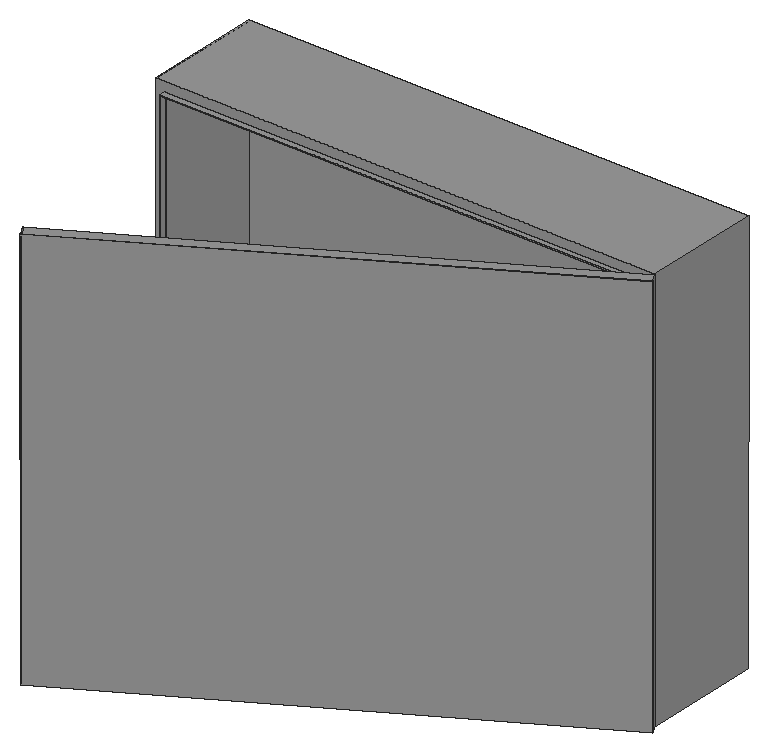
Revit family "Hager-Univers-IP54-D205-H650-Cl.I-Encl-NoHosted-CH-en", category Equipement électrique, Revit 2020
Family settings
  Configuration du panneau = Deux colonnes, circuits au sein
  Cote de connecteur circulaire = Utiliser le diamètre
  Type d'élément = Tableau de raccordement
  Basée sur le plan de construction = Oui
  Toujours verticalement = Oui
  Couper avec des vides une fois chargée = Non
  Partagée = Non
  Point de calcul de pièce = Non
Parameters (values of type "Surface mounted (plaster) IP54 W800 H650 D205  - FP43TW2")
  Width Control [instance] = if([EF000008 - Width] > Min Width, [EF000008 - Width], Min Width)  # 800 mm
  Commentaires du type = [HG000003 - Range]  # "Univers"
  Thickness Door [instance] = if([EF009171 - Material plate thickness door/cover] > 3 mm, 3 mm, [EF009171 - Material plate thickness door/cover])  # 1 mm
  Seal Frame Offset [instance] = 17 mm  # constant formula
  Plinth Visibility [instance] = [HG000027 - Plinth height] > 0 mm  # no
  Min Width [instance] = 100 mm  # constant formula
  Min Depth [instance] = (2 * [EF009170 - Material plate thickness cabinet]) + 1 mm  # 3 mm
  Min Height [instance] = 100 mm  # constant formula
  Internal Frame Depth [instance] = (Door System Depth * 0.5)  # 9 mm
  Panel Name [instance] = ""  # (empty or 0)
  Model = ""
  HG000027 - Plinth height = 0 mm
  HG000026 - Floor standing = no
  HG000024 - Bottom section height = 600 mm
  HG000023 - Double section enclosure = no
  HG000016 - Door 3d visibility [instance] = yes
  HG000015 - Clearance visibility [instance] = no
  HG000014 - Door on the right [instance] = yes
  HG000013 - Door on the left [instance] = not([HG000014 - Door on the right])  # no
  HG000012 - Door swing angle [instance] = 30.00°
  HG000010 - Asymmetric doors = no
  HG000009 - Double swing door = no
  HG000006 - Flush mounted = no
  HG000004 - Manufacturer reference = "FP43TW2"
  HG000003 - Range = "Univers"
  HG000002 - With door or cover = yes
  Frame Offset Bottom [instance] = 10 mm  # constant formula
  Frame Offset [instance] = 15 mm  # constant formula
  EF015940 - Cover with overpressure release = no
  EF011959 - Degree of protection (NEMA) = ""
  EF009554 - Number of openings for flange plates = 6
  EF009212 - Cover model = "EV000116 - Closed"
  EF009171 - Material plate thickness door/cover = 1 mm
  EF009170 - Material plate thickness cabinet = 1 mm
  EF008873 - Nominal current (In) = 250 A
  EF007800 - Suitable for lightning protection = no
  EF006306 - With lock = no
  EF006244 - Transparent cover/door = no
  EF005474 - Degree of protection (IP) = "EV006419 - IP54"
  EF004464 - Type of door = "EV002646 - Single"
  EF004427 - Number of modules = 144
  EF004293 - Impact strength = "EV006815 - IK09"
  EF003532 - Suitable for outdoor use = no
  EF002950 - Width in number of modular spacings = 36
  EF001613 - Circuit integrity = "EV000494 - None"
  EF001596 - Material housing = "EV000179 - Steel"
  EF001131 - Internal depth = 205 mm
  EF001088 - Extension possible = yes
  EF000437 - Number of conduit inlets = 6
  EF000339 - Type of cover = "EV001012 - Cover"
  EF000266 - Number of rows = 4
  EF000218 - Built-in depth = 205 mm
  EF000118 - With mounting plate = no
  EF000116 - RAL-number = "9010"
  EF000049 - Depth = 205 mm
  EF000040 - Height = 650 mm
  EF000008 - Width = 800 mm
  EF000007 - Colour = "EV000202 - White"
  EF000003 - Mounting method = "EV000384 - Surface mounted (plaster)"
  Door System Leaf Tolerance [instance] = 1.5 mm  # constant formula
  Door System Depth [instance] = 18 mm  # constant formula
  Door Height [instance] = Height Control - [HG000027 - Plinth height]  # 650 mm
  Description = ""
  Default Elevation = 1219.2 mm
  Connector Offset [instance] = Height Control / 2  # 325 mm
  Fabricant = "Hager"  # constant formula
  Height Control [instance] = if([EF000040 - Height] > Min Height, [EF000040 - Height], Min Height)  # 650 mm
  Depth Control [instance] = if([EF000049 - Depth] > Min Depth, [EF000049 - Depth], Min Depth)  # 205 mm
  Bottom Top Plate Trim [instance] = 1.5 mm  # constant formula
  Plinth height Ctrl [instance] = if([HG000027 - Plinth height] > 0 mm, [HG000027 - Plinth height], 12 mm)  # 12 mm
Types (5, lengths in mm): name | Width Control | HG000004 - Manufacturer reference | EF009554 - Number of openings for flange plates | EF004464 - Type of door | EF004427 - Number of modules | EF002950 - Width in number of modular spacings | EF000437 - Number of conduit inlets | EF000008 - Width
  Surface mounted (plaster) IP54 W1050 H650 D205  - FP44TW2 | 1050 | "FP44TW2" | 8 | "EV003602 - Double" | 192 | 48 | 8 | 1050
  Surface mounted (plaster) IP54 W1300 H650 D205  - FP45TW2 | 1300 | "FP45TW2" | 10 | "EV003602 - Double" | 240 | 60 | 10 | 1300
  Surface mounted (plaster) IP54 W300 H650 D205  - FP41TW2 | 300 | "FP41TW2" | 2 | "EV002646 - Single" | 48 | 12 | 2 | 300
  Surface mounted (plaster) IP54 W550 H650 D205  - FP42TW2 | 550 | "FP42TW2" | 4 | "EV002646 - Single" | 96 | 24 | 4 | 550
  Surface mounted (plaster) IP54 W800 H650 D205  - FP43TW2 | 800 | "FP43TW2" | 6 | "EV002646 - Single" | 144 | 36 | 6 | 800
Reference planes
  plane 1 "Center (Front/Back)": y = 0
  plane 2: z = 0
  plane 3 "Center (Left/Right)": x = 0
  plane 4: y = 0
  plane 5: y = 0
  plane 6: z = 0
  plane 7: x = -400
  plane 8: x = 400
  plane 9: x = 399
  plane 10: x = -399
  plane 11: z = 0
  plane 12: z = 1
  plane 13: y = -205
  plane 14: y = -1
  plane 15: x = 0
  plane 16: y = -187
  plane 17: y = -204
  plane 18: y = -186
  plane 19: x = -384
  plane 20: x = 384
  plane 21: z = 11
  plane 22: x = -383
  plane 23: x = 383
  plane 24: z = 0
  plane 25: z = 650
  plane 26: z = 650
  plane 27: z = 634
  plane 28: z = 649
Forms (mm)
  Extrusion 1, solid, material "Hager_Steel_RAL7035_Light_Grey", detail levels medium+fine
    sketch origin (-208.679, -4572, 0) x (-1, 0, 0) y (0, -1, 0)
      loop
        line (191.321, -4385) -> (-608.679, -4385) -> (-608.679, -4572) -> (191.321, -4572) -> (191.321, -4385)
    from 0 to 650
  Extrusion 2, void
    sketch origin (-350.771, -205, 1219.2) x (1, 0, 0) y (0, 0, 1)
      loop
        line (-48.229, -570.2) -> (-48.229, -1218.2) -> (749.771, -1218.2) -> (749.771, -570.2) -> (-48.229, -570.2)
    from -19 to -204
  Extrusion 3, void
    sketch origin (-290.084, -187, 1219.2) x (1, 0, 0) y (0, 0, 1)
      loop
        line (-93.916, -1208.2) -> (674.084, -1208.2) -> (674.084, -585.2) -> (-93.916, -585.2) -> (-93.916, -1208.2)
    from 0 to -1
  Extrusion 4, solid, material "Hager_Steel_RAL7035_Light_Grey", visible <- "Plinth Visibility", detail levels medium+fine
    sketch origin (0, 0, 0) x (1, 0, 0) y (0, 1, 0)
      loop
        line (-400, 0) -> (-400, -187) -> (400, -187) -> (400, 0) -> (-400, 0)
    from 0 to 12 <- "Plinth height Ctrl"
  Extrusion 5, solid, material "Hager_Steel_RAL7035_Light_Grey", detail levels coarse
    sketch origin (0, 0, 0) x (1, 0, 0) y (0, 1, 0)
      loop
        line (-400, 0) -> (-400, -205) -> (400, -205) -> (400, 0) -> (-400, 0)
    from 0 to 650 <- "Height Control"
  Sweep 6, void
    path in 3D
      loop
        line (-400, -187, 12) -> (400, -187, 12) -> (400, 0, 12) -> (-400, 0, 12) -> (-400, -187, 12)
    profile origin (-400, -93.5, 12) x (1, 0, 0) y (0, 0, 1)
      loop
        line (0, 0) -> (0, -1.5) -> (1.5, -1.5)
        arc (1.5, -1.5) -> (1.061, -0.439) -> (0, 0) r 1.5
  Extrusion 7, solid, material "Hager_Steel_RAL7035_Light_Grey", detail levels fine
    sketch origin (-400, -187, 0) x (1, 0, 0) y (0, 0, 1)
      loop
        line (16, 11) -> (784, 11) -> (784, 634) -> (16, 634) -> (16, 11)
      loop
        line (15, 10) -> (785, 10) -> (785, 635) -> (15, 635) -> (15, 10)
    from 0 to 9 <- "Internal Frame Depth"
Cuts and joins
  Extrusion 2, Extrusion 3 cuts Extrusion 1
  Sweep 6 cuts Extrusion 4
Lines and regions (mm)
  Masking region 1
    outline origin (0, 0, 0) x (1, 0, 0) y (0, 1, 0)
      loop
        line (-400, 0) -> (-400, -205) -> (400, -205) -> (400, 0) -> (-400, 0)
  Masking region 2, detail levels coarse
    outline origin (-290.084, -187, 1219.2) x (-1, 0, 0) y (0, 0, 1)
      loop
        line (-690.084, -1219.2) -> (109.916, -1219.2) -> (109.916, -569.2) -> (-690.084, -569.2) -> (-690.084, -1219.2)
  Masking region 3, detail levels coarse
    outline origin (0, 0, 0) x (0, 1, 0) y (0, 0, 1)
      loop
        line (0, 0) -> (0, 650) -> (-205, 650) -> (-205, 0) -> (0, 0)
  Masking region 4, visible <- "Plinth Visibility", detail levels medium+fine
    outline origin (0, 0, 0) x (0, 1, 0) y (0, 0, 1)
      loop
        line (-1.5, 12) -> (-185.5, 12)
        arc (-185.5, 12) -> (-185.939, 10.939) -> (-187, 10.5) r 1.5
        line (-187, 10.5) -> (-187, 0) -> (0, 0) -> (0, 10.5)
        arc (0, 10.5) -> (-1.061, 10.939) -> (-1.5, 12) r 1.5
  Masking region 5, detail levels medium+fine
    outline origin (0, 0, 594.038) x (0, 1, 0) y (0, 0, 1)
      loop
        line (0, -594.038) -> (0, 55.962) -> (-187, 55.962) -> (-187, -594.038) -> (0, -594.038)
  Masking region 6, detail levels medium+fine
    outline origin (-359.7, -187, 1211.883) x (-1, 0, 0) y (0, 0, 1)
      loop
        line (-759.7, -1211.883) -> (40.3, -1211.883) -> (40.3, -561.883) -> (-759.7, -561.883) -> (-759.7, -1211.883)
  Masking region 7, visible <- "Plinth Visibility", detail levels medium+fine
    outline origin (-320.334, -187, 1041.368) x (-1, 0, 0) y (0, 0, 1)
      loop
        line (-720.334, -1041.368) -> (79.666, -1041.368) -> (79.666, -1030.868)
        arc (79.666, -1030.868) -> (78.606, -1030.429) -> (78.166, -1029.368) r 1.5
        line (78.166, -1029.368) -> (-718.834, -1029.368)
        arc (-718.834, -1029.368) -> (-719.273, -1030.429) -> (-720.334, -1030.868) r 1.5
        line (-720.334, -1030.868) -> (-720.334, -1041.368)
  sketch lines
    curve 1: line (-400, 0, 12) -> (-400, -187, 12)
    curve 2: line (-400, -187, 12) -> (400, -187, 12)
    curve 3: line (400, 0, 12) -> (-400, 0, 12)
    curve 4: line (400, -187, 12) -> (400, 0, 12)
Dimensions and locks
  locked: plane 1 "Center (Front/Back)" to plane 5
  "EF009170 - Material plate thickness cabinet": plane 7 to plane 10
  "EF009170 - Material plate thickness cabinet": plane 8 to plane 9
  equal spacing: plane 7, plane 3 "Center (Left/Right)", plane 8
  "Width Control": plane 7 to plane 8
  "Depth Control": plane 4 to plane 13
  "EF009170 - Material plate thickness cabinet": plane 4 to plane 14
  "Height Control": plane 25 to level
  "HG000027 - Plinth height": plane 11 to level
  "EF009170 - Material plate thickness cabinet": plane 12 to plane 11
  "EF009170 - Material plate thickness cabinet": plane 17 to plane 13
  "EF009170 - Material plate thickness cabinet": plane 18 to plane 16
  "Frame Offset Bottom": plane 21 to plane 12
  "Frame Offset": plane 10 to plane 19
  "Frame Offset": plane 9 to plane 20
  "Door System Depth": plane 16 to plane 13
  "Seal Frame Offset": plane 7 to plane 22
  "Seal Frame Offset": plane 8 to plane 23
  "EF009170 - Material plate thickness cabinet": plane 26 to plane 28
  "Frame Offset": plane 28 to plane 27
  "Connector Offset": plane 2 to connector elem
  "Bottom Top Plate Trim": profile plane to Sweep 6 sketch curve
  "Bottom Top Plate Trim": Sweep 6 sketch curve to Sweep 6 sketch curve
  "Plinth height Ctrl": Masking region 4 sketch curve to level
  "Plinth height Ctrl": Masking region 7 sketch curve to level
  "Thickness Door": Extrusion 7 sketch curve to Extrusion 7 sketch curve  (x4)
  "Bottom Top Plate Trim": radius of Sweep 6 sketch curve
  "Bottom Top Plate Trim": radius of Masking region 4 sketch curve  (x2)
  "Bottom Top Plate Trim": radius of Masking region 7 sketch curve  (x2)
  aligned and locked: Extrusion 2 sketch curve to plane 12
  aligned and locked: Extrusion 2 sketch curve to plane 9
  aligned and locked: Extrusion 2 sketch curve to plane 10
  aligned and locked: Extrusion 2 to plane 14
  aligned and locked: Extrusion 1 sketch curve to plane 4
  aligned and locked: plane 8 to Extrusion 1 sketch curve
  aligned and locked: plane 7 to Extrusion 1 sketch curve
  aligned and locked: Extrusion 2 to plane 18
  aligned and locked: Extrusion 3 sketch curve to plane 19
  aligned and locked: plane 20 to Extrusion 3 sketch curve
  aligned and locked: Extrusion 3 to Extrusion 2
  aligned and locked: Extrusion 3 sketch curve to plane 21
  aligned and locked: plane 3 "Center (Left/Right)" to nested 1
  aligned and locked: Extrusion 1 sketch curve to plane 16
  aligned and locked: Extrusion 4 sketch curve to cut or joined group of Extrusion 1, Extrusion 2, Extrusion 3
  aligned and locked: Masking region 1 sketch curve to plane 7
  aligned and locked: Masking region 1 sketch curve to plane 5
  aligned and locked: Masking region 1 sketch curve to plane 8
  aligned and locked: Masking region 2 sketch curve to level
  aligned and locked: level to Masking region 3 sketch curve
  aligned and locked: plane 1 "Center (Front/Back)" to Masking region 3 sketch curve
  aligned and locked: plane 13 to Masking region 3 sketch curve
  aligned and locked: plane 5 to Masking region 4 sketch curve
  aligned and locked: Masking region 2 sketch curve to plane 8
  aligned and locked: Masking region 2 sketch curve to plane 7
  aligned and locked: plane 7 to nested 2
  aligned and locked: nested 2 to plane 5
  aligned and locked: plane 5 to Masking region 5 sketch curve
  aligned and locked: plane 26 to Masking region 5 sketch curve
  aligned and locked: Extrusion 5 sketch curve to plane 8
  aligned and locked: Extrusion 5 sketch curve to plane 7
  aligned and locked: Extrusion 5 sketch curve to plane 5
  aligned and locked: Extrusion 3 sketch curve to plane 27
  aligned and locked: Extrusion 2 sketch curve to plane 28
  aligned and locked: Masking region 2 to plane 25
  aligned and locked: Extrusion 4 to plane 16
  aligned and locked: profile plane to Sweep 6 sketch curve
  aligned and locked: Masking region 5 sketch curve to plane 24
  aligned and locked: level to Masking region 4 sketch curve
  aligned and locked: Masking region 1 to plane 13
  aligned and locked: nested 1 to plane 16
  aligned and locked: Masking region 3 to plane 25
  aligned and locked: plane 16 to Masking region 4 sketch curve
  aligned and locked: Masking region 5 sketch curve to plane 16
  aligned and locked: plane 24 to plane 11
  aligned and locked: plane 26 to plane 25
  aligned and locked: plane 26 to cut or joined group of Extrusion 1, Extrusion 2, Extrusion 3
  aligned and locked: nested 1 to plane 24
  aligned and locked: Extrusion 1 to Extrusion 3
  aligned and locked: Masking region 6 sketch curve to plane 8
  aligned and locked: Masking region 6 sketch curve to plane 24
  aligned and locked: Masking region 6 sketch curve to plane 7
  aligned and locked: Masking region 6 sketch curve to plane 26
  aligned and locked: Masking region 7 sketch curve to plane 7
  aligned and locked: level to Masking region 7 sketch curve
  aligned and locked: Masking region 7 sketch curve to plane 8
  aligned and locked: Extrusion 7 sketch curve to cut or joined group of Extrusion 1, Extrusion 2, Extrusion 3  (x4)
Automatic sketch dimensions
  plane 19 to Extrusion 3 sketch curve = 0 mm
  Extrusion 3 sketch curve to plane 20 = 0 mm
  Extrusion 3 sketch curve to plane 21 = 0 mm
  Extrusion 4 sketch curve to plane 7 = 0 mm
  Extrusion 4 sketch curve to plane 8 = 0 mm
  Extrusion 4 sketch curve to plane 16 = 0 mm
  Masking region 1 sketch curve to plane 13 = 0 mm
  Masking region 2 sketch curve to plane 25 = 0 mm
  Masking region 3 sketch curve to plane 25 = 0 mm
  Extrusion 5 sketch curve to plane 13 = 0 mm
  profile plane to Sweep 6 sketch curve = 0 mm
Nested families
  nested 1: "EC000058_Univers_Door" at (0, -187, 0), Double <- "HG000009 - Double swing door", Transparent <- "EF006244 - Transparent cover/door", Angle <- "HG000012 - Door swing angle", Door_Right <- "HG000014 - Door on the right", Assymetrical <- "HG000010 - Asymmetric doors", Door <- "HG000002 - With door or cover", Width_Ctrl <- "Width Control", 3d_Door <- "HG000016 - Door 3d visibility", Clearance <- "HG000015 - Clearance visibility", Door_Left <- "HG000013 - Door on the left", Width <- "Width Control", Door_Depth <- "Door System Depth", Leaf_Tolerance <- "Door System Leaf Tolerance", Height <- "Door Height", Lock_Visibility <- "EF006306 - With lock", Thickness <- "Thickness Door", type "EC000058_Univers_Door", detail levels medium+fine
    with min_wh 3 mm, Width_Ctrl 800 mm, Width 800 mm, Transparent no, Thickness 1 mm, Seal_Material Hager_Rubber, Lock_Visibility no, Lock_Material Hager_Plastic_RAL9005_Jet_Black, Leaf_Width 800 mm, Leaf_Tolerance_External_Sides 0 mm, Leaf_Tolerance 1.5 mm, Leaf_Offset 0 mm, Leaf_Height 647 mm, Leaf_2_Width 800 mm, Leaf_2_Offset 400 mm, Leaf_1_Width 800 mm, Leaf_1_Offset 400 mm, Height_Ctrl 650 mm, Height 650 mm, Glass_Material Hager_Glass, Double_Clearance_Ctrl no, Double no, Door_Right_Ctrl yes, Door_Right yes, Door_Material Hager_Steel_RAL7035_Light_Grey, Door_Left_Ctrl no, Door_Left no, Door_Depth 18 mm, Door yes, Clearance_Material Hager_Clearance, Clearance_Depth 800 mm, Clearance_Ctrl no, Clearance no, Assymetrical no, Angle 30.00°, 3d_Door yes
  nested 2: "Hager_Enclosure_Symbol" at (-400, 0, 0), Height <- "Depth Control", Width <- "Width Control", type "Hager_Enclosure_Symbol"
    with Width_Ctrl 800 mm, Width 800 mm, Height_Ctrl 205 mm, Height 205 mm, A_Width_Int 13.453 mm, A_Width 161.438 mm, A_Height_Ctrl 179.375 mm, A_Height 179.375 mm
Connectors
  electrical at (0, 0, 325)
    settings: on plane 1 "Center (Front/Back)", index 1, voltage 0 V, apparent load 0 VA, apparent load phase1 0 VA, apparent load phase2 0 VA, apparent load phase3 0 VA, power factor 1, load classification "Other", number of poles 1, system type 30, power factor state 1, is connector primary yes, connector utility no, sub classification motor no, connector description ""
Definition of nested family "EC000058_Univers_Door"
  Parameters (values of type "EC000058_Univers_Door")
    min_wh [instance] = (2 * Thickness) + 1 mm  # 11 mm
    Width_Ctrl [instance] = 400 mm
    Width [instance] = 500 mm
    Transparent [instance] = yes
    Thickness [instance] = 5 mm
    Seal_Material [instance] = none
    Lock_Visibility [instance] = yes
    Lock_Material [instance] = none
    Leaf_Width [instance] = if((Width_Ctrl - 2 * Leaf_Tolerance_External_Sides) > 0 mm, (Width_Ctrl - 2 * Leaf_Tolerance_External_Sides), min_wh)  # 400 mm
    Leaf_Tolerance_External_Sides [instance] = 0 mm  # constant formula
    Leaf_Tolerance [instance] = 1.5 mm
    Leaf_Offset [instance] = 0 mm  # constant formula
    Leaf_Height [instance] = if((Height_Ctrl - 2 * Leaf_Tolerance) > 0 mm, (Height_Ctrl - 2 * Leaf_Tolerance), min_wh)  # 497 mm
    Leaf_2_Width [instance] = if(and(and(Double, Assymetrical), Door_Left), (Leaf_Width / 3) - (Leaf_Tolerance / 2), if(and(and(Double, Assymetrical), Door_Right), (Leaf_Width / 3) * 2 - (Leaf_Tolerance / 2), if(and(Double, not(Assymetrical)), (Leaf_Width / 2) - Leaf_Tolerance, Leaf_Width)))  # 400 mm
    Leaf_2_Offset [instance] = if(and(Double, Assymetrical), Leaf_2_Width / 2, if(and(Double, not(Assymetrical)), Leaf_Width / 4, Leaf_Width / 2))  # 200 mm
    Leaf_1_Width [instance] = if(and(and(Double, Assymetrical), Door_Right), (Leaf_Width / 3) - (Leaf_Tolerance / 2), if(and(and(Double, Assymetrical), Door_Left), (Width / 3) * 2 - (Leaf_Tolerance / 2), if(and(Double, not(Assymetrical)), (Leaf_Width / 2) - Leaf_Tolerance, Leaf_Width)))  # 400 mm
    Leaf_1_Offset [instance] = if(and(Double, Assymetrical), Leaf_1_Width / 2, if(and(Double, not(Assymetrical)), Leaf_Width / 4, Leaf_Width / 2))  # 200 mm
    Height_Ctrl [instance] = if(Height > min_wh, Height, min_wh)  # 500 mm
    Height [instance] = 500 mm
    Glass_Material [instance] = none
    Double_Clearance_Ctrl [instance] = and(Double, Clearance)  # no
    Double [instance] = no
    Door_Right_Ctrl [instance] = and(or(Door_Right, Double), Door)  # yes
    Door_Right [instance] = yes
    Door_Material [instance] = none
    Door_Left_Ctrl [instance] = and(or(Door_Left, Double), Door)  # no
    Door_Left [instance] = no
    Door_Depth [instance] = 30 mm
    Door [instance] = yes
    Default Elevation = 1219.2 mm
    Clearance_Material [instance] = none
    Clearance_Depth [instance] = if(Leaf_1_Width > Leaf_2_Width, Leaf_1_Width, Leaf_2_Width)  # 400 mm
    Clearance_Ctrl [instance] = and(not(Double), Clearance)  # yes
    Clearance [instance] = yes
    Assymetrical [instance] = yes
    Angle [instance] = 30.00°
    3d_Door [instance] = yes
  Reference planes
    plane 1 "Center (Front/Back)": y = 0
    plane 2 "Bottom": z = 0
    plane 3 "Center (Left/Right)": x = 0
    plane 4: z = 500
    plane 5: x = -200
    plane 6: x = 200
    plane 7: z = 500
    plane 8: x = -200
    plane 9: z = 0
    plane 10: x = 200
    plane 11: y = 0
    plane 12: z = 1.5
    plane 13: x = -600
    plane 14: y = -400
    plane 15: x = 600
    plane 16: x = 0
    plane 17: x = 0
    plane 18: x = -200
    plane 19: x = 200
    plane 20: z = 498.5
  Forms (mm)
    Extrusion 1, solid, material <- "Clearance_Material", visible <- "Double_Clearance_Ctrl"
      sketch origin (1200, 0, 0) x (1, 0, 0) y (0, 0, -1)
        loop
          line (-1800, -498.5) -> (-600, -498.5) -> (-600, 0) -> (-1800, 0) -> (-1800, -498.5)
      from 0 to -400
  Dimensions and locks
    equal spacing: plane 5, plane 3 "Center (Left/Right)", plane 6
    "Width_Ctrl": plane 5 to plane 6
    "Leaf_Offset": plane 5 to plane 8
    "Leaf_Offset": plane 6 to plane 10
    "Leaf_Offset": plane 9 to level
    "Leaf_Offset": plane 4 to plane 7
    "Height_Ctrl": plane 4 to level
    "Leaf_Tolerance": plane 12 to plane 9
    locked: plane 11 to plane 1 "Center (Front/Back)"
    "Leaf_1_Offset": plane 18 to plane 16
    "Leaf_2_Offset": plane 17 to plane 19
    "Leaf_1_Width": plane 13 to plane 8
    "Leaf_2_Width": plane 10 to plane 15
    "Clearance_Depth": plane 14 to plane 1 "Center (Front/Back)"
    "Leaf_Tolerance_External_Sides": plane 8 to plane 18
    "Leaf_Tolerance_External_Sides": plane 19 to plane 10
    "Leaf_Tolerance": plane 7 to plane 20
    aligned and locked: level to plane 2 "Bottom"
    aligned and locked: nested 1 to plane 16
    aligned and locked: nested 2 to plane 17
    aligned and locked: Extrusion 1 to plane 13
    aligned and locked: plane 15 to Extrusion 1
    aligned and locked: Extrusion 1 to plane 14
    aligned and locked: plane 12 to nested 1
    aligned and locked: nested 2 to plane 12
    aligned and locked: Extrusion 1 to plane 11
    aligned and locked: plane 20 to Extrusion 1
    aligned and locked: nested 2 to plane 11
    aligned and locked: nested 1 to plane 11
  Automatic sketch dimensions
    Extrusion 1 sketch curve to level = 0 mm
    plane 5 to Extrusion 1 sketch curve = 400 mm
    plane 6 to Extrusion 1 sketch curve = 400 mm
    Extrusion 1 sketch curve to plane 4 = 1.5 mm
  Nested families
    nested 1: "EC000058_Univers_Door_Leaf" at (0, 0, 1.5), Width <- "Leaf_1_Width", visible <- "Door_Left_Ctrl", Leaf_Height <- "Leaf_Height", Angle <- "Angle", 3d_Door <- "3d_Door", Transparent <- "Transparent", Clearance Material <- "Clearance_Material", Clearance <- "Clearance_Ctrl", Door_Material <- "Door_Material", Glass_Material <- "Glass_Material", Door_Depth <- "Door_Depth", Lock_Material <- "Lock_Material", Seal_Material <- "Seal_Material", Lock_Visibility <- "Lock_Visibility", Thickness <- "Thickness", type "EC000058_Univers_Door_Leaf"
      with Width 400 mm, Transparent_Glass_Offset 30 mm, Transparent_Ctrl yes, Transparent yes, Thickness 5 mm, Standard no, Seal_Material none, Seal_D2 8 mm, Seal_D1 1 mm, Offset_Internal_Frame 10 mm, Lock_Width 20 mm, Lock_Visibility_3d yes, Lock_Visibility yes, Lock_Thickness_3 3 mm, Lock_Thickness_2 1 mm, Lock_Thickness_1 3 mm, Lock_Radius_Offset_2 16 mm, Lock_Radius_Offset_1 15 mm, Lock_Radius_2 5 mm, Lock_Radius 6 mm, Lock_Offset 5 mm, Lock_Material none, Lock_Height 80 mm, Lock_Cover_Top_Offset_2d 17 mm, Lock_Cover_Height -65 mm, Leaf_Height 497 mm, Internal_Seal_Thickness 8 mm, Internal_Seal_Depth_2 4.5 mm, Internal_Frame_Depth 25 mm, Glass_Thickness -1 mm, Glass_Offset -2 mm, Glass_Material none, Door_Material none, Door_Depth 30 mm, Clearance Material none, Clearance yes, Angle_Ctrl 30.00°, Angle 30.00°, 3d_Door yes
    nested 2: "EC000058_Univers_Door_Leaf" at (0, 0, 1.5) x (-1, 0, 0) z (0, 0, 1), Width <- "Leaf_2_Width", visible <- "Door_Right_Ctrl", Leaf_Height <- "Leaf_Height", Angle <- "Angle", 3d_Door <- "3d_Door", Transparent <- "Transparent", Clearance Material <- "Clearance_Material", Clearance <- "Clearance_Ctrl", Door_Material <- "Door_Material", Glass_Material <- "Glass_Material", Door_Depth <- "Door_Depth", Lock_Material <- "Lock_Material", Seal_Material <- "Seal_Material", Lock_Visibility <- "Lock_Visibility", Thickness <- "Thickness", type "EC000058_Univers_Door_Leaf"
      with Width 400 mm, Transparent_Glass_Offset 30 mm, Transparent_Ctrl yes, Transparent yes, Thickness 5 mm, Standard no, Seal_Material none, Seal_D2 8 mm, Seal_D1 1 mm, Offset_Internal_Frame 10 mm, Lock_Width 20 mm, Lock_Visibility_3d yes, Lock_Visibility yes, Lock_Thickness_3 3 mm, Lock_Thickness_2 1 mm, Lock_Thickness_1 3 mm, Lock_Radius_Offset_2 16 mm, Lock_Radius_Offset_1 15 mm, Lock_Radius_2 5 mm, Lock_Radius 6 mm, Lock_Offset 5 mm, Lock_Material none, Lock_Height 80 mm, Lock_Cover_Top_Offset_2d 17 mm, Lock_Cover_Height -65 mm, Leaf_Height 497 mm, Internal_Seal_Thickness 8 mm, Internal_Seal_Depth_2 4.5 mm, Internal_Frame_Depth 25 mm, Glass_Thickness -1 mm, Glass_Offset -2 mm, Glass_Material none, Door_Material none, Door_Depth 30 mm, Clearance Material none, Clearance yes, Angle_Ctrl 30.00°, Angle 30.00°, 3d_Door yes
  Definition of nested family "EC000058_Univers_Door_Leaf"
    Parameters (values of type "EC000058_Univers_Door_Leaf")
      Width [instance] = 2000 mm
      Transparent_Glass_Offset [instance] = 30 mm
      Transparent_Ctrl [instance] = and(Transparent, [3d_Door])  # yes
      Transparent [instance] = yes
      Thickness [instance] = 5 mm
      Standard [instance] = and(not(Transparent), [3d_Door])  # no
      Seal_Material [instance] = none
      Seal_D2 [instance] = 8 mm  # constant formula
      Seal_D1 [instance] = 1 mm  # constant formula
      Offset_Internal_Frame [instance] = 10 mm  # constant formula
      Lock_Width [instance] = 20 mm  # constant formula
      Lock_Visibility_3d [instance] = and(Lock_Visibility, [3d_Door])  # yes
      Lock_Visibility [instance] = yes
      Lock_Thickness_3 [instance] = 3 mm  # constant formula
      Lock_Thickness_2 [instance] = 1 mm  # constant formula
      Lock_Thickness_1 [instance] = 3 mm  # constant formula
      Lock_Radius_Offset_2 [instance] = Lock_Radius_Offset_1 + 1 mm  # 16 mm
      Lock_Radius_Offset_1 [instance] = 15 mm  # constant formula
      Lock_Radius_2 [instance] = Lock_Radius - 1 mm  # 5 mm
      Lock_Radius [instance] = 6 mm  # constant formula
      Lock_Offset [instance] = 5 mm  # constant formula
      Lock_Material [instance] = none
      Lock_Height [instance] = 80 mm  # constant formula
      Lock_Cover_Top_Offset_2d [instance] = Lock_Radius_Offset_2 + 1 mm  # 17 mm
      Lock_Cover_Height [instance] = -(Lock_Height - Lock_Radius_Offset_1)  # -65 mm
      Leaf_Height [instance] = 2720.336 mm
      Internal_Seal_Thickness [instance] = 8 mm  # constant formula
      Internal_Seal_Depth_2 [instance] = 4.5 mm  # constant formula
      Internal_Frame_Depth [instance] = if(Door_Depth - Thickness > 5 mm, Door_Depth - Thickness, 5 mm)  # 25 mm
      Glass_Thickness [instance] = if(Thickness > 15 mm, Glass_Offset + 10 mm, -1 mm)  # -1 mm
      Glass_Offset [instance] = if(Thickness > 15 mm, -(Thickness + 10 mm) / 2, -2 mm)  # -2 mm
      Glass_Material [instance] = none
      Door_Material [instance] = none
      Door_Depth [instance] = 30 mm
      Default Elevation = 0 mm
      Clearance Material [instance] = none
      Clearance [instance] = yes
      Angle_Ctrl [instance] = if(Angle > 180.00°, 180.00°, Angle)  # 90.00°
      Angle [instance] = 90.00°
      3d_Door [instance] = yes
    Reference planes
      plane 1 "Center (Front/Back)": y = 0
      plane 2: z = 0
      plane 3 "Center (Left/Right)": x = 0
      plane 4: y = 2000
      plane 5: x = -1000
      plane 6: x = 1000
      plane 7: x = -3000
      plane 8: z = 2720.336
      plane 9: z = 30
      plane 10: z = 2690.336
      plane 11: x = 970
      plane 12: x = -970
      plane 13: y = -3
      plane 14: z = 107.833
      plane 15: y = -5
      plane 16: y = -223.314
      plane 17: x = -1000
      plane 18: z = 1360.168
      plane 19: y = 30
    Forms (mm)
      Extrusion 1, solid, material <- "Clearance Material", visible <- "Clearance"
        sketch origin (0, 0, 0) x (1, 0, 0) y (0, 0, 1)
          loop
            line (-3000, 2720.336) -> (-3000, 0) -> (1000, 0) -> (1000, 2720.336) -> (-3000, 2720.336)
        from 0 to -2000
      Extrusion 2, solid, material <- "Door_Material", visible <- "Standard", detail levels medium+fine
        sketch origin (-1000, 0, 0) x (0, 1, 0) y (-1, 0, 0)
          loop
            line (0, 30) -> (0, 25) -> (2000, 25) -> (2000, 30) -> (0, 30)
        from 0 to 2720.336 <- "Leaf_Height"
      Extrusion 3, solid, material <- "Door_Material", visible <- "Transparent_Ctrl", detail levels medium+fine
        sketch origin (-1000, 0, 0) x (0, 1, 0) y (-1, 0, 0)
          loop
            line (0, 25) -> (2000, 25) -> (2000, 30) -> (0, 30) -> (0, 25)
        from 0 to 2720.336 <- "Leaf_Height"
      Extrusion 4, void
        sketch origin (-1025, 2000, 0) x (0, 1, 0) y (0, 0, -1)
          loop
            line (-30, -2690.336) -> (-30, -30) -> (-1970, -30) -> (-1970, -2690.336) -> (-30, -2690.336)
        from 0 to 5 <- "Thickness"
      Sweep 5, solid, material <- "Seal_Material", visible <- "Transparent_Ctrl", detail levels fine
        path in 3D
          loop
            line (-1025, 30, 30) -> (-1025, 30, 2690.336) -> (-1025, 1970, 2690.336) -> (-1025, 1970, 30) -> (-1025, 30, 30)
        profile origin (-1025, 1000, 30) x (1, 0, 0) y (0, 0, 1)
          loop
            line (0, 0) -> (0, -8) -> (1, -8) -> (1, 0) -> (0, 0)
      Extrusion 6, solid, material <- "Glass_Material", visible <- "Transparent_Ctrl", detail levels medium+fine
        sketch origin (-1030, 0, 0) x (0, 1, 0) y (0, 0, -1)
          loop
            line (1970, -2690.336) -> (1970, -30) -> (30, -30) -> (30, -2690.336) -> (1970, -2690.336)
        from -2 <- "Glass_Offset" to -1 <- "Glass_Thickness"
      Extrusion 7, solid, material <- "Door_Material", visible <- "3d_Door", detail levels medium+fine
        sketch origin (-1025, 2000, 0) x (0, -1, 0) y (0, 0, -1)
          loop
            line (0, -2720.336) -> (2000, -2720.336) -> (2000, 0) -> (0, 0) -> (0, -2720.336)
          loop
            line (1995, -5) -> (5, -5) -> (5, -2715.336) -> (1995, -2715.336) -> (1995, -5)
        from 0 to 25 <- "Internal_Frame_Depth"
      Sweep 8, solid, material <- "Seal_Material", visible <- "Transparent_Ctrl", detail levels fine
        path in 3D
          loop
            line (-1025, 0, 0) -> (-1025, 2000, 0) -> (-1025, 2000, 2720.336) -> (-1025, 0, 2720.336) -> (-1025, 0, 0)
        profile origin (-1025, 0, 1360.168) x (1, 0, 0) y (0, 1, 0)
          loop
            line (0, 10) -> (2.975, 10)
            arc (2.975, 10) -> (4.053, 10.447) -> (4.5, 11.525) r 1.525
            line (4.5, 11.525) -> (4.5, 16.527)
            arc (4.5, 16.527) -> (4.069, 17.569) -> (3.027, 18) r 1.473
            line (3.027, 18) -> (0, 18) -> (0, 10)
      Extrusion 9, solid, material <- "Lock_Material", visible <- "Lock_Visibility_3d", detail levels fine
        sketch origin (-1030, 0, 0) x (0, 1, 0) y (0, 0, -1)
          loop
            arc (1993.5, -1400.168) -> (1994.561, -1399.729) -> (1995, -1398.668) r 1.5
            line (1995, -1398.668) -> (1995, -1320.168) -> (1975, -1320.168) -> (1975, -1398.668)
            arc (1975, -1398.668) -> (1975.439, -1399.729) -> (1976.5, -1400.168) r 1.5
            line (1976.5, -1400.168) -> (1993.5, -1400.168)
        from 3 <- "Lock_Thickness_1" to 0
      Blend 10, solid, material <- "Lock_Material", visible <- "Lock_Visibility_3d", detail levels fine
        base sketch origin (-1033, 0, 0) x (0, 1, 0) y (0, 0, -1)
          loop
            line (1975, -1320.168) -> (1975, -1398.668)
            arc (1975, -1398.668) -> (1975.439, -1399.729) -> (1976.5, -1400.168) r 1.5
            line (1976.5, -1400.168) -> (1993.5, -1400.168)
            arc (1993.5, -1400.168) -> (1994.561, -1399.729) -> (1995, -1398.668) r 1.5
            line (1995, -1398.668) -> (1995, -1320.168) -> (1975, -1320.168)
        top sketch origin (-1033, 0, 0) x (0, 1, 0) y (0, 0, -1)
          loop
            line (1976, -1320.168) -> (1976, -1398.668)
            arc (1976, -1398.668) -> (1976.146, -1399.022) -> (1976.5, -1399.168) r 0.5
            line (1976.5, -1399.168) -> (1993.5, -1399.168)
            arc (1993.5, -1399.168) -> (1993.854, -1399.022) -> (1994, -1398.668) r 0.5
            line (1994, -1398.668) -> (1994, -1320.168) -> (1976, -1320.168)
        from 0 to 1 <- "Lock_Thickness_2"
      Blend 11, solid, material <- "Lock_Material", visible <- "Lock_Visibility_3d", detail levels fine
        base sketch origin (-1034, 0, 0) x (0, 1, 0) y (0, 0, -1)
          loop
            line (1978, -1320.168) -> (1978, -1384.168)
            arc (1978, -1384.168) -> (1985, -1391.168) -> (1992, -1384.168) r 7
            line (1992, -1384.168) -> (1992, -1320.168) -> (1978, -1320.168)
        top sketch origin (-1034, 0, 0) x (0, 1, 0) y (0, 0, -1)
          loop
            line (1991, -1320.168) -> (1979, -1320.168) -> (1979, -1383.168)
            arc (1979, -1383.168) -> (1985, -1389.168) -> (1991, -1383.168) r 6
            line (1991, -1383.168) -> (1991, -1320.168)
        from 0 to 3 <- "Lock_Thickness_3"
      Extrusion 12, solid, material <- "Lock_Material", visible <- "Lock_Visibility_3d", detail levels fine
        sketch origin (-1030, 1975, 1320.168) x (1, 0, 0) y (0, -1, 0)
          loop
            line (-7, -19) -> (-7, -1) -> (0, -1) -> (0, 0) -> (-8, 0) -> (-8, -20) -> (0, -20) -> (0, -19) -> (-7, -19)
        from 0 to -65 <- "Lock_Cover_Height"
      Extrusion 13, void
        sketch origin (-1038, 1995, 1320.168) x (-1, 0, 0) y (0, 0, -1)
          loop
            line (-5, -65) -> (0, -65) -> (-5, -60) -> (-5, -65)
        from 0 to 20 <- "Lock_Width"
      Extrusion 14, void
        sketch origin (-1038, 1975, 1320.168) x (0, -1, 0) y (0, 0, -1)
          loop
            circle (-10, -15.995) r 6
          loop
            circle (-10, -15.995) r 5
        from 0 to 2
      Extrusion 15, solid, material <- "Lock_Material", visible <- "Lock_Visibility_3d", detail levels medium
        sketch origin (-1030, 0, 0) x (0, 1, 0) y (0, 0, -1)
          loop
            arc (1993.5, -1400.168) -> (1994.561, -1399.729) -> (1995, -1398.668) r 1.5
            line (1995, -1398.668) -> (1995, -1320.168) -> (1975, -1320.168) -> (1975, -1398.668)
            arc (1975, -1398.668) -> (1975.439, -1399.729) -> (1976.5, -1400.168) r 1.5
            line (1976.5, -1400.168) -> (1993.5, -1400.168)
        from 8 to 0
    Cuts and joins
      Extrusion 4 cuts Extrusion 3
      Extrusion 13, Extrusion 14 cuts Extrusion 9
      Extrusion 14 cuts Blend 11
      Extrusion 13, Extrusion 14 cuts Extrusion 12
      joined: Extrusion 9, Blend 10, Blend 11, Extrusion 12
      Extrusion 14 cuts Extrusion 15
    Lines and regions (mm)
      Masking region 1, visible <- "Lock_Visibility", detail levels fine
        outline origin (0, 0, 0) x (0, 1, 0) y (0, 0, 1)
          loop
            line (30, 1320.168) -> (33, 1320.168) -> (33, 1400.168) -> (30, 1400.168) -> (30, 1320.168)
      Masking region 2, visible <- "Lock_Visibility", detail levels fine
        outline origin (0, 3.143, 0) x (0, 1, 0) y (0, 0, 1)
          loop
            line (29.857, 1354.168) -> (30.857, 1354.168) -> (30.857, 1366.168) -> (29.857, 1366.168) -> (29.857, 1354.168)
      Masking region 3, detail levels medium+fine
        outline origin (0, 0, 0) x (0, 1, 0) y (0, 0, 1)
          loop
            line (0, 0) -> (30, 0) -> (30, 2720.336) -> (0, 2720.336) -> (0, 0)
      Masking region 4, detail levels medium+fine
        outline origin (0, 0, 0) x (1, 0, 0) y (0, 0, 1)
          loop
            line (-1000, 2720.336) -> (-1000, 0) -> (1000, 0) -> (1000, 2720.336) -> (-1000, 2720.336)
      Masking region 5, visible <- "Lock_Visibility", detail levels fine
        outline origin (-47.116, 0, 0) x (1, 0, 0) y (0, 0, 1)
          loop
            arc (1024.616, 1399.168) -> (1023.556, 1398.729) -> (1023.116, 1397.668) r 1.5
            line (1023.116, 1397.668) -> (1023.116, 1320.168) -> (1041.116, 1320.168) -> (1041.116, 1397.668)
            arc (1041.116, 1397.668) -> (1040.677, 1398.729) -> (1039.616, 1399.168) r 1.5
            line (1039.616, 1399.168) -> (1024.616, 1399.168)
      Masking region 6, visible <- "Lock_Visibility", detail levels medium+fine
        outline origin (-25, 0, 0) x (1, 0, 0) y (0, 0, 1)
          loop
            arc (1001.5, 1400.168) -> (1000.439, 1399.729) -> (1000, 1398.668) r 1.5
            line (1000, 1398.668) -> (1000, 1320.168) -> (1020, 1320.168) -> (1020, 1398.668)
            arc (1020, 1398.668) -> (1019.561, 1399.729) -> (1018.5, 1400.168) r 1.5
            line (1018.5, 1400.168) -> (1001.5, 1400.168)
      Masking region 7, visible <- "Lock_Visibility", detail levels fine
        outline origin (-73.735, 0, 0) x (1, 0, 0) y (0, 0, 1)
          loop
            line (1051.735, 1382.168) -> (1065.735, 1382.168) -> (1065.735, 1384.168)
            arc (1065.735, 1384.168) -> (1058.735, 1391.168) -> (1051.735, 1384.168) r 7
            line (1051.735, 1384.168) -> (1051.735, 1382.168)
      Masking region 8, visible <- "Lock_Visibility", detail levels fine
        outline origin (-73.735, 0, 0) x (1, 0, 0) y (0, 0, 1)
          loop
            line (1052.735, 1382.168) -> (1064.735, 1382.168) -> (1064.735, 1383.168)
            arc (1064.735, 1383.168) -> (1058.735, 1389.168) -> (1052.735, 1383.168) r 6
            line (1052.735, 1383.168) -> (1052.735, 1382.168)
      Masking region 9, visible <- "Lock_Visibility", detail levels fine
        outline origin (-25, 0, 0) x (1, 0, 0) y (0, 0, 1)
          loop
            line (1020, 1320.168) -> (1020, 1382.168) -> (1000, 1382.168) -> (1000, 1320.168) -> (1020, 1320.168)
      Masking region 10, detail levels medium+fine
        outline origin (0, 0, 0) x (1, 0, 0) y (0, 0, 1)
          loop
            circle (985, 1335.144) r 6
      Masking region 11, detail levels fine
        outline origin (0, 0, 0) x (1, 0, 0) y (0, 0, 1)
          loop
            circle (985, 1335.144) r 5
      Masking region 12, visible <- "Lock_Visibility", detail levels fine
        outline origin (0, 12.767, 0) x (0, 1, 0) y (0, 0, 1)
          loop
            line (20.233, 1320.168) -> (21.233, 1320.168) -> (21.233, 1399.168) -> (20.233, 1400.168) -> (20.233, 1320.168)
      Masking region 13, visible <- "Lock_Visibility", detail levels fine
        outline origin (0, 13.767, -10) x (0, 1, 0) y (0, 0, 1)
          loop
            line (20.233, 1330.168) -> (23.233, 1330.168) -> (23.233, 1399.168) -> (20.233, 1402.168) -> (20.233, 1330.168)
      Masking region 14, visible <- "Lock_Visibility", detail levels fine
        outline origin (0, 12.767, -10) x (0, 1, 0) y (0, 0, 1)
          loop
            line (20.233, 1330.168) -> (25.233, 1330.168) -> (25.233, 1399.305) -> (20.233, 1394.305) -> (20.233, 1330.168)
      Masking region 15, visible <- "Lock_Visibility", detail levels medium
        outline origin (0, 0, 0) x (0, 1, 0) y (0, 0, 1)
          loop
            line (30, 1320.168) -> (38, 1320.168) -> (38, 1400.168) -> (30, 1400.168) -> (30, 1320.168)
      Masking region 16, visible <- "Lock_Visibility", detail levels fine
        outline origin (-1000, 0, 0) x (0, 1, 0) y (-1, 0, 0)
          loop
            line (1975, 30) -> (1995, 30) -> (1995, 38) -> (1975, 38) -> (1975, 30)
          loop
            line (1979, 37) -> (1976, 37) -> (1976, 34) -> (1978, 34) -> (1979, 37)
          loop
            line (1994, 37) -> (1991, 37) -> (1992, 34) -> (1994, 34) -> (1994, 37)
      Masking region 17, visible <- "Lock_Visibility", detail levels medium
        outline origin (-1000, 0, 0) x (0, 1, 0) y (-1, 0, 0)
          loop
            line (1975, 30) -> (1995, 30) -> (1995, 38) -> (1975, 38) -> (1975, 30)
      symbolic lines
        curve 1: line (1000, 0, 0) -> (-3000, 0, 0)
        curve 2: arc (1000, 0, 0) -> (-1000, 2000, 0) -> (-3000, 0, 0) r 2000
        curve 4: line (-1030, 0, 0) -> (-1030, 2000, 0)
      reference lines
        curve 3: line (-1000, 0, 0) -> (-1000, 2000, 0)
      symbolic lines, detail levels medium+fine
        curve 5: line (-1030, 2000, 0) -> (-1025, 2000, 0)
        curve 7: line (-1025, 0, 0) -> (-1030, 0, 0)
        curve 8: line (-1025, 0, 0) -> (-1000, 0, 0)
        curve 9: line (-1000, 0, 0) -> (-1000, 2000, 0)
        curve 10: line (-1000, 2000, 0) -> (-1025, 2000, 0)
      symbolic lines, detail levels fine
        curve 6: line (-1025, 2000, 0) -> (-1025, 0, 0)
      sketch lines
        curve 11: line (-1025, 0, 2720.336) -> (-1025, 0, 0)
        curve 12: line (-1025, 2000, 0) -> (-1025, 0, 0)
        curve 13: line (-1025, 2000, 2720.336) -> (-1025, 2000, 0)
        curve 14: line (-1025, 0, 2720.336) -> (-1025, 2000, 2720.336)
        curve 15: line (-1025, 1970, 30) -> (-1025, 30, 30)
        curve 16: line (-1025, 30, 30) -> (-1025, 30, 2690.336)
        curve 17: line (-1025, 1970, 2690.336) -> (-1025, 1970, 30)
        curve 18: line (-1025, 30, 2690.336) -> (-1025, 1970, 2690.336)
      symbolic lines, visible <- "Transparent", detail levels medium+fine
        curve 19: line (-970, 0, 2690.336) -> (970, 0, 2690.336)
        curve 20: line (-970, 0, 30) -> (-970, 0, 2690.336)
        curve 21: line (970, 0, 30) -> (-970, 0, 30)
        curve 22: line (970, 0, 2690.336) -> (970, 0, 30)
    Dimensions and locks
      "Width": plane 1 "Center (Front/Back)" to plane 4
      equal spacing: plane 5, plane 3 "Center (Left/Right)", plane 6
      "Width": plane 5 to plane 6
      "Width": plane 7 to plane 5
      "Leaf_Height": plane 8 to level
      "Width": curve 5 to curve 3
      "Width": curve 3 to curve 3
      plane 8 to plane 10 = 30 mm
      plane 9 to level = 30 mm
      plane 12 to plane 5 = 30 mm
      plane 6 to plane 11 = 30 mm
      Extrusion 1 to Extrusion 4 sketch curve = 30 mm
      "Transparent_Glass_Offset": curve 3 to Extrusion 4 sketch curve
      "Transparent_Glass_Offset": Extrusion 4 sketch curve to cut or joined group of Extrusion 3, Extrusion 4  (x2)
      cut or joined group of Extrusion 3, Extrusion 4 to Extrusion 6 sketch curve = 30 mm
      "Transparent_Glass_Offset": cut or joined group of Extrusion 3, Extrusion 4 to Extrusion 4 sketch curve
      "Thickness": curve 6 to curve 4
      "Thickness": Extrusion 7 sketch curve to Extrusion 7 sketch curve  (x4)
      "Door_Depth": curve 4 to curve 3
      "Offset_Internal_Frame": profile plane to Sweep 8 sketch curve
      "Internal_Seal_Thickness": Sweep 8 sketch curve to Sweep 8 sketch curve
      "Internal_Seal_Depth_2": profile plane to Sweep 8 sketch curve
      "Seal_D1": profile plane to Sweep 5 sketch curve
      "Seal_D2": profile plane to Sweep 5 sketch curve
      "Thickness": Extrusion 2 sketch curve to Extrusion 2 sketch curve
      equal spacing: Extrusion 9 sketch curve, plane 18, Extrusion 9 sketch curve  (x2)
      equal spacing: Masking region 1 sketch curve, plane 18, Masking region 1 sketch curve
      "Lock_Height": Masking region 1 sketch curve to Masking region 1 sketch curve
      "Lock_Radius": Masking region 2 sketch curve to plane 18 to Masking region 2 sketch curve
      Masking region 2 sketch curve to Masking region 1 = 1 mm
      "Door_Depth": plane 19 to plane 1 "Center (Front/Back)"
      "Lock_Thickness_1": Masking region 1 sketch curve to plane 19
      "Lock_Width": Extrusion 9 sketch curve to Extrusion 9 sketch curve
      "Lock_Height": Extrusion 9 sketch curve to Extrusion 9 sketch curve
      "Lock_Offset": cut or joined group of Extrusion 3, Extrusion 4 to Extrusion 9 sketch curve
      equal spacing: plane 8, plane 18, level
      "Lock_Radius_Offset_1": Blend 11 sketch curve to Blend 10
      locked: Blend 10 to Blend 11 sketch curve at 2  (x2)
      locked: var sketch to Blend 11 sketch curve at 1  (x2)
      "Lock_Radius_Offset_2": Blend 11 sketch curve to Blend 10
      locked: Extrusion 12 sketch curve to Extrusion 12 sketch curve at 1  (x3)
      Masking region 6 sketch curve to Masking region 6 sketch curve = 80 mm
      "Lock_Height": Masking region 6 sketch curve to Masking region 6 sketch curve
      "Lock_Width": Masking region 6 sketch curve to Masking region 6 sketch curve
      locked: Masking region 6 to Masking region 5 sketch curve at 1  (x3)
      locked: Masking region 5 to Masking region 7 sketch curve at 2  (x2)
      "Lock_Radius_Offset_1": Masking region 5 to Masking region 7 sketch curve
      "Lock_Radius_Offset_2": Masking region 5 to Masking region 8 sketch curve
      locked: Masking region 7 to Masking region 8 sketch curve at 1  (x2)
      "Lock_Cover_Top_Offset_2d": Masking region 5 to Masking region 9 sketch curve
      equal spacing: Masking region 9, Masking region 10 sketch curve, Masking region 9
      equal spacing: Masking region 9, Masking region 11 sketch curve, Masking region 9
      Extrusion 15 sketch curve to Extrusion 15 sketch curve = 80 mm
      "Lock_Width": Extrusion 15 sketch curve to Extrusion 15 sketch curve
      "Lock_Height": Extrusion 15 sketch curve to Extrusion 15 sketch curve
      equal spacing: Extrusion 15 sketch curve, plane 18, Extrusion 15 sketch curve
      "Lock_Thickness_3": Masking region 13 sketch curve to Masking region 13 sketch curve
      "Lock_Height": Masking region 12 sketch curve to Masking region 12 sketch curve
      locked: Masking region 13 sketch curve to Masking region 1 at 8
      locked: Masking region 14 sketch curve to Masking region 13 at 1
      locked: Masking region 14 sketch curve to Masking region 1 at 10.863
      "Lock_Height": Masking region 15 sketch curve to Masking region 15 sketch curve
      "Lock_Offset": Extrusion 15 sketch curve to cut or joined group of Extrusion 3, Extrusion 4
      "Lock_Offset": plane 6 to Masking region 6 sketch curve
      radius of Sweep 8 sketch curve = 1.525 mm
      radius of Sweep 8 sketch curve = 1.473 mm
      radius of Extrusion 9 sketch curve = 1.5 mm  (x2)
      "Lock_Radius": radius of Extrusion 14 sketch curve
      "Lock_Radius_2": radius of Extrusion 14 sketch curve
      "Lock_Radius": radius of Masking region 10 sketch curve
      "Lock_Radius_2": radius of Masking region 11 sketch curve
      radius of Extrusion 15 sketch curve = 1.5 mm  (x2)
      "Angle_Ctrl": angle plane 1 "Center (Front/Back)" to curve 3
      locked: Masking region 12 sketch curve to Masking region 12 sketch curve (angle 45.00°)
      locked: Masking region 13 sketch curve to Masking region 13 sketch curve (angle 45.00°)
      locked: Masking region 14 sketch curve to Masking region 14 sketch curve (angle 45.00°)
      aligned and locked: level to plane 2
      aligned and locked: Extrusion 1 to curve 1
      aligned and locked: plane 6 to Extrusion 1
      aligned and locked: Extrusion 1 to plane 1 "Center (Front/Back)"
      aligned and locked: plane 4 to Extrusion 1
      aligned and locked: plane 8 to Extrusion 1
      aligned and locked: curve 7 to Extrusion 2 sketch curve
      aligned and locked: curve 5 to Extrusion 2 sketch curve
      aligned and locked: curve 7 to Extrusion 3 sketch curve
      aligned and locked: Extrusion 3 sketch curve to curve 4
      aligned and locked: Extrusion 3 sketch curve to curve 6
      aligned and locked: Extrusion 3 sketch curve to curve 5
      aligned and locked: curve 9 to curve 3
      aligned and locked: Extrusion 7 sketch curve to cut or joined group of Extrusion 3, Extrusion 4  (x4)
      aligned and locked: plane 17 to curve 3
      aligned and locked: plane 1 "Center (Front/Back)" to curve 3
      aligned and locked: plane 17 to plane 5
      aligned and locked: Sweep 8 sketch curve to profile plane
      aligned and locked: Sweep 5 sketch curve to profile plane  (x2)
      aligned and locked: Masking region 1 to Masking region 2 sketch curve
      aligned and locked: plane 19 to Masking region 1 sketch curve
      aligned and locked: plane 1 "Center (Front/Back)" to Masking region 3 sketch curve
      aligned and locked: plane 19 to Masking region 3 sketch curve
      aligned and locked: level to Masking region 3 sketch curve
      aligned and locked: Masking region 3 sketch curve to plane 8
      aligned and locked: plane 17 to Masking region 4 sketch curve
      aligned and locked: level to Masking region 4 sketch curve
      aligned and locked: Masking region 4 sketch curve to plane 8
      aligned and locked: plane 12 to curve 20
      aligned and locked: plane 10 to curve 19
      aligned and locked: plane 11 to curve 22
      aligned and locked: curve 21 to plane 9
      aligned and locked: Extrusion 2 sketch curve to cut or joined group of Extrusion 3, Extrusion 4
      aligned and locked: Blend 10 sketch curve to Extrusion 9  (x4)
      aligned and locked: Extrusion 9 to Blend 10 sketch curve
      aligned and locked: Blend 10 to Blend 11 sketch curve
      aligned and locked: Extrusion 12 sketch curve to Blend 11
      aligned and locked: Extrusion 12 sketch curve to Extrusion 9  (x4)
      aligned and locked: Masking region 5 sketch curve to Masking region 6
      aligned and locked: Masking region 9 sketch curve to Masking region 6  (x3)
      aligned and locked: Masking region 12 sketch curve to Masking region 1
      aligned and locked: Masking region 13 sketch curve to Masking region 1
      aligned and locked: Masking region 12 to Masking region 14
      aligned and locked: Masking region 14 sketch curve to Masking region 1
      aligned and locked: Masking region 15 sketch curve to Masking region 14
      aligned and locked: Masking region 13 sketch curve to Masking region 12
      aligned and locked: Masking region 16 sketch curve to cut or joined group of Extrusion 14, Extrusion 15  (x4)
      aligned and locked: Masking region 16 sketch curve to cut or joined group of Extrusion 9, Blend 10, Blend 11, Extrusion 12, Extrusion 13, Extrusion 14  (x6)
      aligned and locked: cut or joined group of Extrusion 9, Blend 10, Blend 11, Extrusion 12, Extrusion 13, Extrusion 14 to Masking region 16 sketch curve
      aligned and locked: Masking region 17 sketch curve to cut or joined group of Extrusion 14, Extrusion 15  (x3)
      aligned and locked: Masking region 17 sketch curve to cut or joined group of Extrusion 9, Blend 10, Blend 11, Extrusion 12, Extrusion 13, Extrusion 14
      aligned and locked: Masking region 9 to Masking region 8 sketch curve
      aligned and locked: Masking region 9 to Masking region 7 sketch curve
    Automatic sketch dimensions
      plane 1 "Center (Front/Back)" to curve 2 = 0 mm
      curve 2 to plane 5 = 0 mm
      Extrusion 1 sketch curve to level = 0 mm
      Extrusion 1 sketch curve to plane 7 = 0 mm
      Extrusion 1 sketch curve to plane 6 = 0 mm
      Extrusion 1 sketch curve to plane 8 = 0 mm
      Extrusion 3 to Extrusion 6 sketch curve = 30 mm  (x4)
      Masking region 4 sketch curve to plane 6 = 0 mm
      Blend 10 sketch curve to Extrusion 9 = 1.5 mm
      Blend 10 sketch curve to Extrusion 9 = 1 mm
      Extrusion 13 sketch curve to Extrusion 12 = 0 mm  (x2)
      Extrusion 12 to Extrusion 13 sketch curve = 3 mm
      Extrusion 13 sketch curve to Extrusion 12 = 5 mm
      Extrusion 14 sketch curve to Extrusion 14 sketch curve = 0 mm  (x2)
      Extrusion 14 sketch curve to Extrusion 12 = 10 mm
      Extrusion 14 sketch curve to Extrusion 12 = 15.995 mm
      Masking region 5 sketch curve to Masking region 5 sketch curve = 1.5 mm  (x2)
      Masking region 10 sketch curve to plane 18 = 25.024 mm
      Masking region 11 sketch curve to plane 18 = 25.024 mm
      plane 19 to Masking region 14 sketch curve = 3 mm
      Masking region 16 sketch curve to Masking region 16 sketch curve = 3 mm
      curve 4 to curve 3 = 0 mm
      Blend 10 to Blend 11 sketch curve = 0 mm
      Masking region 6 sketch curve to Masking region 6 sketch curve = 1.5 mm  (x2)
      Masking region 6 sketch curve to plane 18 = 40 mm
      plane 19 to Masking region 12 sketch curve = 3 mm
      Masking region 12 sketch curve to Masking region 12 sketch curve = 1 mm
      Masking region 15 sketch curve to plane 19 = 0 mm
      Masking region 15 sketch curve to plane 18 = 40 mm
      radius of Blend 10 sketch curve to Extrusion 9 = 1 mm
Definition of nested family "Hager_Enclosure_Symbol"
  Parameters (values of type "Hager_Enclosure_Symbol")
    Width_Ctrl [instance] = if(Width > 1 mm, Width, 1 mm)  # 102.27 mm
    Width [instance] = 102.27 mm
    Height_Ctrl [instance] = if(Height > 1 mm, Height, 1 mm)  # 66.5 mm
    A_Width_Int [instance] = if(A_Width / 12 > 2 mm, A_Width / 12, 2 mm)  # 4.364 mm
    A_Width [instance] = if(A_Height_Ctrl * 0.9 > 2 mm, A_Height_Ctrl * 0.9, 2 mm)  # 52.369 mm
    A_Height_Ctrl [instance] = if(A_Height > 2 mm, A_Height, 2 mm)  # 58.188 mm
    Height [instance] = 66.5 mm
    A_Height [instance] = Height - (Height / 8)  # 58.188 mm
  Reference planes
    plane 1 "Centre (avant/arrière)": y = 0
    plane 2: z = 0
    plane 3 "Centre (gauche/droite)": x = 0
    plane 4: x = 52.369
    plane 5: y = 33.042
    plane 6: y = 41.77
    plane 7: y = 66.5
    plane 8: x = 26.184
    plane 9: y = 37.406
    plane 10: x = 102.27
    plane 11: y = 66.5
    plane 12: y = 8.313
  Lines and regions (mm)
    Filled region 1, type "Solid_Black", in view "Niveau de réf."
      outline origin (0, 0, 0) x (1, 0, 0) y (0, 1, 0)
        loop
          line (52.369, 66.5) -> (33.188, 54.536) -> (45.365, 45.006) -> (52.369, 66.5)
    Filled region 2, type "Solid_Black", in view "Niveau de réf."
      outline origin (0, 0, 0) x (1, 0, 0) y (0, 1, 0)
        loop
          line (0, 0) -> (102.27, 0) -> (102.27, 66.5) -> (0, 0)
    detail lines, in view "Niveau de réf."
      curve 1: line (0, 8.313, 0) -> (26.184, 41.77, 0)
      curve 2: line (26.184, 41.77, 0) -> (26.184, 33.042, 0)
      curve 3: line (26.184, 33.042, 0) -> (52.369, 66.5, 0)
  Dimensions and locks
    "A_Width": plane 3 "Centre (gauche/droite)" to plane 4
    equal spacing: plane 3 "Centre (gauche/droite)", plane 8, plane 4
    equal spacing: plane 6, plane 9, plane 5
    equal spacing: curve 3, Filled region 1 sketch curve, Filled region 1 sketch curve
    "Height_Ctrl": plane 1 "Centre (avant/arrière)" to plane 11
    "A_Height_Ctrl": plane 11 to plane 12
    equal spacing: plane 11, plane 9, plane 12
    "A_Width_Int": plane 6 to plane 9
    "Width_Ctrl": plane 3 "Centre (gauche/droite)" to plane 10
    angle Filled region 1 sketch curve to curve 3 = 20.00°
    angle curve 3 to Filled region 1 sketch curve = 20.00°
    locked: curve 3 to Filled region 1 sketch curve (angle 90.00°)
    aligned and locked: plane 10 to Filled region 2
    aligned and locked: plane 11 to Filled region 2 sketch curve
    aligned and locked: plane 10 to Filled region 2 sketch curve
    aligned and locked: plane 3 "Centre (gauche/droite)" to curve 1
    aligned and locked: plane 12 to curve 1
    aligned and locked: plane 7 to plane 11
  Automatic sketch dimensions
    Filled region 1 sketch curve to plane 4 = 0 mm
    Filled region 1 sketch curve to plane 7 = 0 mm
    plane 1 "Centre (avant/arrière)" to Filled region 2 sketch curve = 0 mm
    Filled region 2 sketch curve to plane 3 "Centre (gauche/droite)" = 0 mm
    curve 2 to plane 6 = 0 mm
    curve 2 to plane 8 = 0 mm
    curve 3 to plane 4 = 0 mm
    curve 2 to plane 5 = 0 mm
    curve 3 to plane 7 = 0 mm
